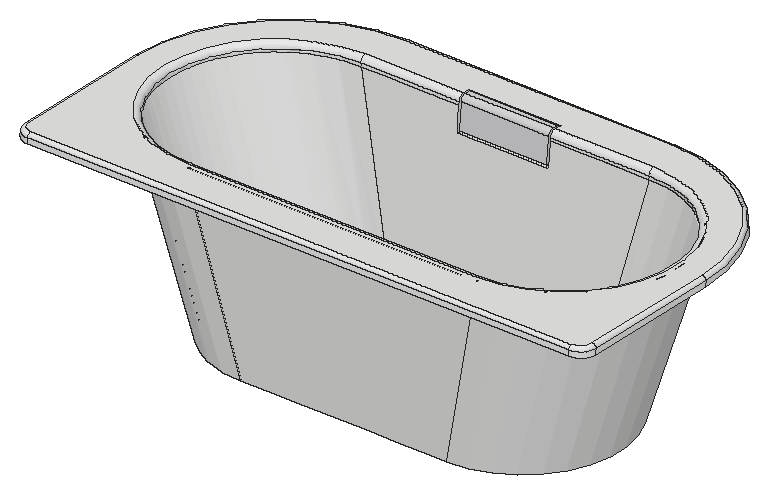
Revit family "Bath-Drop_In-KOHLER-VOLUTE-K-20613T_1", category Plumbing Fixtures, host Face, Revit 2017
Family settings
  Host = Face
  Round Connector Dimension = Use Diameter
  Part Type = Normal
  OmniClass Number = 23.31.15.00
  OmniClass Title = Bathtubs
  Cut with Voids When Loaded = No
  Shared = No
  Room Calculation Point = No
Parameters (values of type "0-White")
  Width = 58 31/32"  # constant formula
  WaterSense Certified = 1 = 0  # no
  Waste Water Outlet = "Waste Water Outlet"  # constant formula
  Waste Connection = 1 = 1  # yes
  Vent Connection = 1 = 0  # no
  URL = "http://www.kohler.com.cn/"
  Type = 1
  Product Page URL = ""
  Product Name = "VOLUTE"  # constant formula
  Product Documentation Link = ""
  Model = "K-20613T-0"  # constant formula
  Material = "Cast Iron"  # constant formula
  Master Format 2014 Name = "Residential Bathtubs"  # constant formula
  Master Format 2014 = "22 41 19"  # constant formula
  Manufacturer Address = "Kohler Beijing Office (100016) 36-2-03-B, No. 88, Liuxiang Road, Beijing"  # constant formula
  Manufacturer = "KOHLER Co."  # constant formula
  Length = 31 1/2"  # constant formula
  Hot Water Inlet = "Hot Water Inlet"  # constant formula
  Height = 19 37/128"  # constant formula
  HW Connection = 1 = 0  # no
  Finish = KOHLER-Cast_Iron-0-White
  Environmental Product Declaration = ""
  Drain Included = 1 = 0  # no
  Description = "1.5M D SHAPE DROP IN BATH"  # constant formula
  Default Elevation = 0"
  Declare Label = ""
  Date Modified = "05/05/2021"  # constant formula
  Date Created = "05/05/2021"  # constant formula
  Copyright = "Copyright KOHLER Co."  # constant formula
  Contact Us = "http://www.kohler.com.cn/contact/contact-us/"
  Cold Water Inlet = "Cold Water Inlet"  # constant formula
  CW Connection = 1 = 0  # no
  Assembly Code = "D2010500"
  ADA Compliant = 1 = 0  # no
Reference planes (in)
  plane 1 "Center (Front/Back)": y = 0
  plane 2: z = 0
  plane 3 "Center (Left/Right)": x = 0
  plane 4: z = 0.87
  plane 5: z = 0.5234
  plane 6: y = 15.75
  plane 7: y = -15.75
  plane 8: x = -29.48425
  plane 9: x = 29.4845
  plane 10: z = -18.41906
  plane 11: y = 12.09449
  plane 12: y = -12.09449
  plane 13: x = 28.45079
  plane 14: x = -28.45079
  plane 15: y = 9.83465
  plane 16: y = -9.83465
  plane 17: x = -20.52861
  plane 18: x = 20.52861
Forms (in)
  Extrusion 1, void
    sketch origin (0, 0, 0) x (1, 0, 0) y (0, 1, 0)
      loop
        arc (-13.78204, 14.3563) -> (-28.13834, 0) -> (-13.78204, -14.3563) r 14.3563
        line (-13.78204, -14.3563) -> (13.78204, -14.3563)
        arc (13.78204, -14.3563) -> (28.13834, 0) -> (13.78204, 14.3563) r 14.3563
        line (13.78204, 14.3563) -> (-13.78204, 14.3563)
    from -20.49597 to 0
Dimensions and locks (in)
  "Height": plane 4 to plane 10
  plane 4 to host face = 0.87"
  "Width": plane 8 to plane 9
  "Length": plane 7 to plane 6
  aligned and locked: plane 2 to host face
  aligned and locked: level to host face
Automatic sketch dimensions
  host sketch curve to host sketch curve = 96"  (x2)
  plane 1 "Center (Front/Back)" to Extrusion 1 sketch curve = 0"
  Extrusion 1 sketch curve to plane 3 "Center (Left/Right)" = 13.78204"
  plane 6 to Extrusion 1 sketch curve = 1.3937"
  plane 3 "Center (Left/Right)" to Extrusion 1 sketch curve = 13.78204"
Nested families (in)
  nested 1: "K-20613T" at (0, 0, -18.42), type "K-20613T"
Connectors (in)
  piping at (0.00226, 0, -18.42), diameter 1.25, driven by "Waste Connection", driven by "Waste Water Outlet"
    settings: on nested 1, index 1, connector inside diameter 24", connector length 0", flow factor 0, pipe flow 0 GPM, pressure drop 0.00 psi, fitting loss kfactor 0, connector angle 0.00°, fixture units 0, engagement length 0", angle of deflection 0.00°, flow configuration 0, flow direction 2, fitting loss method 0, system type 16, joint type 0, gender type 0, connector reference index -1, connector utility 1, adjustable connector no, is connector primary yes, connector description "Waste Water Outlet"
Definition of nested family "K-20613T"
  Parameters (values of type "K-20613T")
    Material = none
  Reference planes (in)
    plane 1 "Center (Front/Back)": y = 0
    plane 2: z = 0
    plane 3 "Center (Left/Right)": x = 0
    plane 4: x = 29.48425
    plane 5: x = -29.48425
    plane 6: y = 15.75
    plane 7: y = -15.75
    plane 8: y = 12.09449
    plane 9: y = -12.09449
    plane 10: x = 28.45079
    plane 11: x = -28.45079
    plane 12: z = 19.29
    plane 13: z = 18.42
    plane 14: z = 0
    plane 15: y = 9.83465
    plane 16: y = -9.83465
  Forms (in)
    Blend 1, solid, material <- "Material", detail levels medium+fine
      base sketch origin (0, 0, 0) x (1, 0, 0) y (0, 1, 0)
        loop
          arc (10.66145, -9.86372) -> (20.52513, 0) -> (10.66145, 9.86372) r 9.86372
          line (10.66145, 9.86372) -> (-10.65676, 9.86381)
          arc (-10.65676, 9.86381) -> (-20.52061, 0) -> (-10.65676, -9.86381) r 9.86381
          line (-10.65676, -9.86381) -> (10.66145, -9.86372)
      top sketch origin (0, 0, 0) x (1, 0, 0) y (0, 1, 0)
        loop
          line (14.9909, 11.55654) -> (-14.9909, 11.55654)
          arc (-14.9909, 11.55654) -> (-26.54744, 0) -> (-14.9909, -11.55654) r 11.55654
          line (-14.9909, -11.55654) -> (14.9909, -11.55654)
          arc (14.9909, -11.55654) -> (26.54744, 0) -> (14.9909, 11.55654) r 11.55654
      from 0 to 18.42
    Blend 2, void
      base sketch origin (0, 0, 0) x (1, 0, 0) y (0, 1, 0)
        loop
          arc (-10.65676, 9.27326) -> (-19.93006, 0) -> (-10.65676, -9.27326) r 9.27326
          line (-10.65676, -9.27326) -> (10.66145, -9.27317)
          arc (10.66145, -9.27317) -> (19.93458, 0) -> (10.66145, 9.27317) r 9.27317
          line (10.66145, 9.27317) -> (-10.65676, 9.27326)
      top sketch origin (0, 0, 0) x (1, 0, 0) y (0, 1, 0)
        loop
          line (14.9909, 10.96599) -> (-14.9909, 10.96599)
          arc (-14.9909, 10.96599) -> (-25.95689, 0) -> (-14.9909, -10.96599) r 10.96599
          line (-14.9909, -10.96599) -> (14.9909, -10.96599)
          arc (14.9909, -10.96599) -> (25.95689, 0) -> (14.9909, 10.96599) r 10.96599
      from 0.91342 to 18.9694
    Sweep 3, solid, material <- "Material", detail levels medium+fine
      path origin (0, 0, 0) x (1, 0, 0) y (0, 1, 0)
        loop
          arc (-14.86271, 10.91592) -> (-25.77863, 0) -> (-14.86271, -10.91592) r 10.91592
          line (-14.86271, -10.91592) -> (14.86285, -10.91592)
          arc (14.86285, -10.91592) -> (25.77877, 0) -> (14.86285, 10.91592) r 10.91592
          line (14.86285, 10.91592) -> (-14.86271, 10.91592)
      profile origin (0.00007, 10.91592, 0) x (0, 1, 0) y (0, 0, 1)
        loop
          line (2.02558, 19.29) -> (0.61581, 19.29)
          arc (0.61581, 19.29) -> (0.21684, 19.13485) -> (0.02751, 18.75092) r 0.59055
          line (0.02751, 18.75092) -> (-0.00144, 18.42) -> (0.42115, 18.42) -> (0.42115, 18.71661)
          arc (0.42115, 18.71661) -> (0.48427, 18.84458) -> (0.61726, 18.8963) r 0.19685
          line (0.61726, 18.8963) -> (2.02558, 18.8963) -> (2.02558, 19.29)
    Sweep 4, solid, material <- "Material", detail levels medium+fine
      path origin (0, 0, 0) x (1, 0, 0) y (0, 1, 0)
        loop
          arc (-13.73622, 15.75) -> (-24.87176, 11.13751) -> (-29.48425, 0.00197) r 15.74803
          line (-29.48425, 0.00197) -> (-29.48425, -14.1752)
          arc (-29.48425, -14.1752) -> (-29.023, -15.28875) -> (-27.90945, -15.75) r 1.5748
          line (-27.90945, -15.75) -> (27.90945, -15.75)
          arc (27.90945, -15.75) -> (29.023, -15.28875) -> (29.48425, -14.1752) r 1.5748
          line (29.48425, -14.1752) -> (29.48425, 0.00197)
          arc (29.48425, 0.00197) -> (24.87176, 11.13751) -> (13.73622, 15.75) r 15.74803
          line (13.73622, 15.75) -> (-13.73622, 15.75)
      profile origin (0, 15.75, 0) x (0, 1, 0) y (0, 0, 1)
        loop
          line (0, 18.42) -> (-0.04467, 18.93061)
          arc (-0.04467, 18.93061) -> (-0.1709, 19.18657) -> (-0.43688, 19.29) r 0.3937
          line (-0.43688, 19.29) -> (-0.75369, 19.29) -> (-0.75369, 18.42) -> (0, 18.42)
    Extrusion 5, solid, material <- "Material", detail levels medium+fine
      sketch origin (0, 0, 0) x (1, 0, 0) y (0, 1, 0)
        loop
          line (14.86285, 12.94149) -> (-14.86271, 12.9415)
          arc (-14.86271, 12.9415) -> (-27.80421, 0) -> (-14.86271, -12.9415) r 12.9415
          line (-14.86271, -12.9415) -> (14.86285, -12.94149)
          arc (14.86285, -12.94149) -> (27.80434, 0) -> (14.86285, 12.94149) r 12.94149
        loop
          arc (27.90945, -14.99631) -> (28.49006, -14.75581) -> (28.73056, -14.1752) r 0.82111
          line (28.73056, -14.1752) -> (28.73056, 0.00197)
          arc (28.73056, 0.00197) -> (24.33882, 10.60457) -> (13.73622, 14.99631) r 14.99434
          line (13.73622, 14.99631) -> (-13.73622, 14.99631)
          arc (-13.73622, 14.99631) -> (-24.33882, 10.60457) -> (-28.73056, 0.00197) r 14.99434
          line (-28.73056, 0.00197) -> (-28.73056, -14.1752)
          arc (-28.73056, -14.1752) -> (-28.49006, -14.75581) -> (-27.90945, -14.99631) r 0.82111
          line (-27.90945, -14.99631) -> (27.90945, -14.99631)
      from 18.8963 to 19.29
    Revolve 6, solid, detail levels medium+fine
      sketch origin (0, 0, 0) x (1, 0, 0) y (0, 0, 1)
        loop
          line (0, 0.48067) -> (0, 1.52398)
          arc (0, 1.52398) -> (-0.71293, 1.44437) -> (-1.39406, 1.21927) r 3.45555
          arc (-1.39406, 1.21927) -> (-1.411, 1.20471) -> (-1.41732, 1.18328) r 0.03947
          line (-1.41732, 1.18328) -> (-1.41732, 0.98042) -> (-0.56933, 0.98042) -> (-0.56933, 0.54367) -> (-0.64961, 0.54367) -> (-0.64961, 0.48067) -> (0, 0.48067)
        axis (0, 0.48067) -> (0, 1.52398)
      angle from 0 to 360
    Revolve 7, solid, material <- "Material", detail levels medium+fine
      sketch origin (0, 0, 0) x (1, 0, 0) y (0, 0, 1)
        loop
          line (0.00226, 0) -> (2.45448, 0) -> (2.45448, 0.91342) -> (2.18075, 0.91342)
          arc (2.18075, 0.91342) -> (1.04851, 0.75589) -> (0.00226, 0.29528) r 4.14784
          line (0.00226, 0.29528) -> (0.00226, 0)
        axis (0.00226, 0) -> (0.00226, 0.91342)
      angle from 0 to 360
    Extrusion 8, void
      sketch origin (0, 0, 0) x (1, 0, 0) y (0, 1, 0)
        loop
          circle (0.00226, 0) r 2.45222
      from -0.21881 to 1.18335
    Extrusion 9, solid, material <- "Material", detail levels medium+fine
      sketch origin (0, 0, 0) x (0, 1, 0) y (0, 0, 1)
        loop
          line (12.35613, 16.31336) -> (12.63041, 18.8963) -> (11.34739, 18.8963) -> (11.00585, 15.67994) -> (11.65189, 15.67994)
          arc (11.65189, 15.67994) -> (12.12549, 15.86159) -> (12.35613, 16.31336) r 0.7082
      from -5.11811 to 5.11811
    Extrusion 10, void
      sketch origin (0, 0, 0) x (0, 1, 0) y (0, 0, 1)
        loop
          line (11.83721, 16.3586) -> (12.16322, 19.42861) -> (10.97996, 19.42861) -> (10.60981, 15.94284)
          arc (10.60981, 15.94284) -> (11.07813, 15.92638) -> (11.53989, 16.0063) r 2.27314
          arc (11.53989, 16.0063) -> (11.74258, 16.13685) -> (11.83721, 16.3586) r 0.41112
      from -4.72441 to 4.72441
    Extrusion 11, solid, detail levels medium+fine
      sketch origin (0, -0.29528, 0.12303) x (0, 1, 0) y (0, 0, 1)
        loop
          line (11.00213, 16.0823) -> (11.35692, 16.0823) -> (11.56337, 18.02649)
          arc (11.56337, 18.02649) -> (11.69159, 18.27764) -> (11.95487, 18.37862) r 0.3937
          line (11.95487, 18.37862) -> (12.26163, 18.37862) -> (12.34535, 19.16697) -> (11.82909, 19.16697)
          arc (11.82909, 19.16697) -> (11.43148, 19.01305) -> (11.24112, 18.63154) r 0.59055
          line (11.24112, 18.63154) -> (11.00213, 16.0823)
      from -4.52756 to 4.52756
    Sweep 12, solid, material <- "Material", detail levels medium+fine
      path origin (0, 0, 0) x (1, 0, 0) y (0, 1, 0)
        loop
          line (10.66145, 9.27317) -> (-10.65676, 9.27326)
          arc (-10.65676, 9.27326) -> (-19.93006, 0) -> (-10.65676, -9.27326) r 9.27326
          line (-10.65676, -9.27326) -> (10.66145, -9.27317)
          arc (10.66145, -9.27317) -> (19.93458, 0) -> (10.66145, 9.27317) r 9.27317
      profile origin (19.93458, 0, 0) x (-1, 0, 0) y (0, 0, 1)
        loop
          arc (1.30546, 0.84978) -> (0.40527, 1.19932) -> (-0.35145, 1.79925) r 3.23143
          line (-0.35145, 1.79925) -> (-0.5483, 1.79925) -> (-0.5483, 1.22122) -> (0.22879, 0.71657) -> (1.30546, 0.71657) -> (1.30546, 0.84978)
    Extrusion 13, solid, material <- "Material", detail levels coarse
      sketch origin (0, 0, 0) x (1, 0, 0) y (0, 1, 0)
        loop
          arc (-14.9909, 11.55654) -> (-26.54744, 0) -> (-14.9909, -11.55654) r 11.55654
          line (-14.9909, -11.55654) -> (14.9909, -11.55654)
          arc (14.9909, -11.55654) -> (26.54744, 0) -> (14.9909, 11.55654) r 11.55654
          line (14.9909, 11.55654) -> (-14.9909, 11.55654)
        loop
          arc (-14.9909, 10.57228) -> (-25.56319, 0) -> (-14.9909, -10.57228) r 10.57228
          line (-14.9909, -10.57228) -> (14.9909, -10.57228)
          arc (14.9909, -10.57228) -> (25.56319, 0) -> (14.9909, 10.57228) r 10.57228
          line (14.9909, 10.57228) -> (-14.9909, 10.57228)
      from 0 to 18.42
    Extrusion 14, solid, material <- "Material", detail levels coarse
      sketch origin (0, 0, 0) x (1, 0, 0) y (0, 1, 0)
        loop
          arc (-29.48425, -14.1752) -> (-29.023, -15.28875) -> (-27.90945, -15.75) r 1.5748
          line (-27.90945, -15.75) -> (27.90945, -15.75)
          arc (27.90945, -15.75) -> (29.023, -15.28875) -> (29.48425, -14.1752) r 1.5748
          line (29.48425, -14.1752) -> (29.48425, 0.00197)
          arc (29.48425, 0.00197) -> (24.87176, 11.13751) -> (13.73622, 15.75) r 15.74803
          line (13.73622, 15.75) -> (-13.73622, 15.75)
          arc (-13.73622, 15.75) -> (-24.87176, 11.13751) -> (-29.48425, 0.00197) r 15.74803
          line (-29.48425, 0.00197) -> (-29.48425, -14.1752)
        loop
          line (-14.9909, -10.57228) -> (14.9909, -10.57228)
          arc (14.9909, -10.57228) -> (25.56319, 0) -> (14.9909, 10.57228) r 10.57228
          line (14.9909, 10.57228) -> (-14.9909, 10.57228)
          arc (-14.9909, 10.57228) -> (-25.56319, 0) -> (-14.9909, -10.57228) r 10.57228
      from 18.42 to 19.29
    Extrusion 15, solid, material <- "Material", detail levels coarse
      sketch origin (0, 0, 0) x (1, 0, 0) y (0, 1, 0)
        loop
          arc (-14.9909, 10.57228) -> (-25.56319, 0) -> (-14.9909, -10.57228) r 10.57228
          line (-14.9909, -10.57228) -> (14.9909, -10.57228)
          arc (14.9909, -10.57228) -> (25.56319, 0) -> (14.9909, 10.57228) r 10.57228
          line (14.9909, 10.57228) -> (-14.9909, 10.57228)
      from 0 to 0.3937
  Cuts and joins
    Blend 2, Extrusion 8, Extrusion 10 cuts Blend 1
    Extrusion 8, Extrusion 10 cuts Sweep 3
    Extrusion 8 cuts Sweep 4
    Extrusion 8 cuts Extrusion 5
    joined: Blend 1, Sweep 3, Sweep 4, Extrusion 5, Sweep 12
    Extrusion 10 cuts Extrusion 9
    joined: Extrusion 13, Extrusion 14, Extrusion 15
  Lines and regions (in)
    Masking region 1
      outline origin (0, 0, 0) x (1, 0, 0) y (0, 1, 0)
        loop
          arc (-13.78204, 15.75) -> (-24.47674, 11.56226) -> (-29.48425, 1.22599) r 15.75
          line (-29.48425, 1.22599) -> (-29.48425, -14.1752)
          arc (-29.48425, -14.1752) -> (-29.023, -15.28875) -> (-27.90945, -15.75) r 1.5748
          line (-27.90945, -15.75) -> (27.90945, -15.75)
          arc (27.90945, -15.75) -> (29.023, -15.28875) -> (29.48425, -14.1752) r 1.5748
          line (29.48425, -14.1752) -> (29.48425, 1.22599)
          arc (29.48425, 1.22599) -> (24.47674, 11.56226) -> (13.78204, 15.75) r 15.75
          line (13.78204, 15.75) -> (-13.78204, 15.75)
    Masking region 2
      outline origin (0, 0, 0) x (1, 0, 0) y (0, 0, 1)
        loop
          line (-20.52061, 0) -> (20.52061, 0)
          arc (20.52061, 0) -> (20.86861, 4.70858) -> (21.912, 9.31326) r 31.70467
          arc (21.912, 9.31326) -> (23.43504, 13.12281) -> (25.56644, 16.62845) r 24.75199
          arc (25.56644, 16.62845) -> (26.29352, 17.55264) -> (27.08753, 18.42) r 15.74803
          line (27.08753, 18.42) -> (29.48425, 18.42) -> (29.45682, 18.9434)
          arc (29.45682, 18.9434) -> (29.34334, 19.18956) -> (29.09158, 19.29) r 0.36574
          line (29.09158, 19.29) -> (-29.09158, 19.29)
          arc (-29.09158, 19.29) -> (-29.34334, 19.18956) -> (-29.45682, 18.9434) r 0.36574
          line (-29.45682, 18.9434) -> (-29.48425, 18.42) -> (-27.08753, 18.42)
          arc (-27.08753, 18.42) -> (-26.29352, 17.55264) -> (-25.56644, 16.62845) r 15.74803
          arc (-25.56644, 16.62845) -> (-23.43504, 13.12281) -> (-21.912, 9.31326) r 24.75199
          arc (-21.912, 9.31326) -> (-20.86861, 4.70858) -> (-20.52061, 0) r 31.70467
    Masking region 3
      outline origin (0, 0, 0) x (0, 1, 0) y (0, 0, 1)
        loop
          arc (-15.31312, 19.29) -> (-15.5791, 19.18657) -> (-15.70533, 18.93061) r 0.3937
          line (-15.70533, 18.93061) -> (-15.75, 18.42) -> (-11.81715, 18.42) -> (-9.86372, 0) -> (9.86372, 0) -> (11.50535, 15.47987)
          arc (11.50535, 15.47987) -> (11.57235, 15.61835) -> (11.71218, 15.68251) r 0.22746
          arc (11.71218, 15.68251) -> (12.14749, 15.88225) -> (12.35613, 16.31336) r 0.7082
          line (12.35613, 16.31336) -> (12.57983, 18.42) -> (15.75, 18.42) -> (15.70533, 18.93061)
          arc (15.70533, 18.93061) -> (15.5791, 19.18657) -> (15.31312, 19.29) r 0.3937
          line (15.31312, 19.29) -> (-15.31312, 19.29)
    symbolic lines
      curve 1: circle (0, 0, 0) r 1.41732 normal (0, 0, -1)
      curve 7: arc (-14.86271, -11.33707, 0) -> (-26.19979, 0, 0) -> (-14.86271, 11.33707, 0) r 11.33707
      curve 8: line (-14.86271, 11.33707, 0) -> (-5.56449, 11.33707, 0)
      curve 9: line (5.56449, 11.33707, 0) -> (14.86285, 11.33707, 0)
      curve 10: arc (14.86285, 11.33707, 0) -> (26.19992, 0, 0) -> (14.86285, -11.33707, 0) r 11.33707
      curve 11: line (14.86285, -11.33707, 0) -> (-14.86271, -11.33707, 0)
      curve 16: line (-4.76867, 11.2536, 0) -> (4.76867, 11.2536, 0)
      curve 19: arc (-5.56449, 11.33707, 0) -> (-5.16876, 11.27452, 0) -> (-4.76867, 11.2536, 0) r 3.83504
      curve 26: arc (5.56449, 11.33707, 0) -> (5.16876, 11.27452, 0) -> (4.76867, 11.2536, 0) r 3.83504
    symbolic lines, detail levels medium+fine
      curve 2: circle (0.00226, 0, 0) r 2.45222 normal (0, 0, 1)
      curve 3: line (10.66141, 9.83465, 0) -> (-10.6568, 9.83465, 0)
      curve 4: arc (-10.6568, 9.83465, 0) -> (-20.49145, 0, 0) -> (-10.6568, -9.83465, 0) r 9.83465
      curve 5: line (-10.6568, -9.83465, 0) -> (9.90401, -9.83465, 0)
      curve 6: arc (9.90401, -9.83465, 0) -> (20.50334, -0.39356, 0) -> (10.66141, 9.83465, 0) r 9.84923
      curve 12: line (4.77709, 12.77171, 0) -> (-4.77709, 12.77171, 0)
      curve 13: line (-4.59563, 12.35807, 0) -> (4.59563, 12.35807, 0)
      curve 14: arc (-5.23602, 11.71768, 0) -> (-5.04845, 12.1705, 0) -> (-4.59563, 12.35807, 0) r 0.64039
      curve 15: line (-5.23602, 11.71768, 0) -> (-5.23602, 11.28218, 0)
      curve 17: line (-5.56449, 11.9843, 0) -> (-5.56449, 11.33707, 0)
      curve 18: arc (-5.56449, 11.9843, 0) -> (-5.33386, 12.54108, 0) -> (-4.77709, 12.77171, 0) r 0.7874
      curve 20: line (5.55674, 12.09449, 0) -> (16.3563, 12.09449, 0)
      curve 21: line (16.3563, -12.09449, 0) -> (-16.3563, -12.09449, 0)
      curve 22: line (-16.3563, 12.09449, 0) -> (-5.55674, 12.09449, 0)
      curve 23: arc (5.23602, 11.71768, 0) -> (5.04845, 12.1705, 0) -> (4.59563, 12.35807, 0) r 0.64039
      curve 24: line (5.23602, 11.71768, 0) -> (5.23602, 11.28218, 0)
      curve 25: line (5.56449, 11.9843, 0) -> (5.56449, 11.33707, 0)
      curve 27: line (-5.19637, 11.93949, 0) -> (5.19637, 11.93949, 0)
      curve 28: line (10.66145, 8.87947, 0) -> (-10.65676, 8.87956, 0)
      curve 29: arc (-10.65676, 8.87956, 0) -> (-19.53636, 0, 0) -> (-10.65676, -8.87956, 0) r 8.87956
      curve 30: line (-10.65676, -8.87956, 0) -> (10.66145, -8.87947, 0)
      curve 31: arc (10.66145, -8.87947, 0) -> (19.54088, 0, 0) -> (10.66145, 8.87947, 0) r 8.87947
      curve 32: line (-5.23602, 11.4331, 0) -> (5.23602, 11.4331, 0)
      curve 33: arc (5.56449, 11.9843, 0) -> (5.33386, 12.54108, 0) -> (4.77709, 12.77171, 0) r 0.7874
      curve 34: line (-27.08753, 0, 18.42) -> (27.08753, 0, 18.42)
      curve 35: line (29.45682, 0, 18.9434) -> (-29.45682, 0, 18.9434)
      curve 36: line (0, 15.70533, 18.93061) -> (0, -15.70533, 18.93061)
      curve 37: line (0, -11.81715, 18.42) -> (0, 12.57983, 18.42)
      curve 38: line (0, 12.05424, 16.26675) -> (0, 12.2829, 18.42)
      curve 39: line (0, 11.76613, 15.68922) -> (0, 12.03389, 18.21076)
      curve 40: line (0, 11.50535, 15.47987) -> (0, 11.81756, 18.42)
      curve 41: arc (0, 11.79437, 15.95518) -> (0, 11.97159, 16.07153) -> (0, 12.05424, 16.26675) r 0.36496
      curve 42: arc (0, 12.03389, 18.21076) -> (0, 12.11623, 18.36555) -> (0, 12.2829, 18.42) r 0.23454
      curve 43: line (0, 12.03389, 18.21076) -> (0, 11.79534, 18.21076)
      curve 44: arc (-16.3563, -12.09449, 0) -> (-28.45079, 0, 0) -> (-16.3563, 12.09449, 0) r 12.09449
      curve 45: arc (16.3563, -12.09449, 0) -> (28.45079, 0, 0) -> (16.3563, 12.09449, 0) r 12.09449
      curve 46: line (13.78204, 15.15945, 0) -> (-13.78204, 15.15945, 0)
      curve 47: arc (-13.78204, 15.15945, 0) -> (-24.06737, 11.13647, 0) -> (-28.8937, 1.20275, 0) r 15.15945
      curve 48: line (-28.8937, 1.20275, 0) -> (-28.8937, -14.1752, 0)
      curve 49: arc (-28.8937, -14.1752, 0) -> (-28.60542, -14.87117, 0) -> (-27.90945, -15.15945, 0) r 0.98425
      curve 50: line (-27.90945, -15.15945, 0) -> (27.90945, -15.15945, 0)
      curve 51: arc (27.90945, -15.15945, 0) -> (28.60542, -14.87117, 0) -> (28.8937, -14.1752, 0) r 0.98425
      curve 52: line (28.8937, -14.1752, 0) -> (28.8937, 1.20275, 0)
      curve 53: arc (28.8937, 1.20275, 0) -> (24.06737, 11.13647, 0) -> (13.78204, 15.15945, 0) r 15.15945
  Dimensions and locks (in)
    plane 8 to plane 1 "Center (Front/Back)" = 12.09449"
    plane 3 "Center (Left/Right)" to plane 10 = 28.45079"
    plane 15 to plane 1 "Center (Front/Back)" = 9.83465"
    aligned and locked: plane 2 to level
